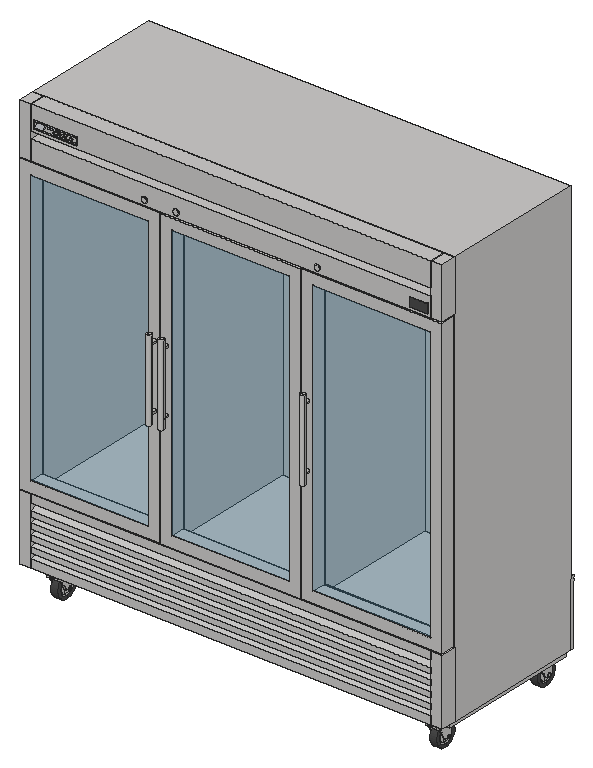
Revit family "QF_TRUE_T-72G-HC~FGD01", category Specialty Equipment, Revit 2015
Parameters
  Weight in Pounds = 630
  Watts = Volts * FL Amps  # 793.5 W
  Volts = 115 V
  URL Cutsheet = "www.truemfg.com"
  URL = "www.truemfg.com"
  Specification by User = ""
  Specification by Manufacturer = ""
  Show Clearance [instance] = yes
  Show 6 Inches Standard Legs [instance] = no
  Show 6 Inches Seismic Flanged Legs [instance] = no
  6 Inches Seismic Flanged Legs [instance] = and(Show 6 Inches Seismic Flanged Legs, not(Show 5 Inches Castors))  # no
  Show Logo [instance] = yes
  Serial Number = ""
  Seismic Rating = ""
  SMACNA No = ""
  Revision Code = ""
  Phase = 1
  Overall Height [instance] = Body Height + Base Height  # 83 3/8"
  Number of Poles = 1
  NAFEM Spec ID Number = ""
  Model = "T-72G-HC~FGD01"
  Min Ckt Ampacity = 0 A
  Max Overcurrent Protection = 0 A
  Masterspec = ""
  Manufacturer = "TRUE"
  Length = 78 1/8"
  Item Number = ""
  Installed By = ""
  Identify Quantity as Lot = yes
  Height = 83 3/8"
  HP = "3/4"
  Furnished By = ""
  Foodservice Equipment Identifier = yes
  FL Amps = 6.9 A
  Electrical Remarks = ""
  Electric Connection Type = ""
  Elec Conn RI Height = 0"
  Elec Conn Connection Height = 0"
  Description = "REACH-IN GLASS SWING DOOR REFRIGERATOR WITH HYDROCARBON REFRIGERANT~FRAMED GLASS DOOR VERSION 01"
  Depth = 29 7/8"
  Cycle = 60 Hz
  Conn Plug = "NEMA 5-15P"
  Conn Conduit = yes
  CSI MasterFormat = ""
  Body Height = 78 3/8"
  Base Height [instance] = if(Show 5 Inches Castors, 5", 6")  # 5"
  Apparent Power = 0 VA
  6 Inches Standard Legs [instance] = and(Show 6 Inches Standard Legs, not(Show 5 Inches Castors))  # no
  Show 5 Inches Castors [instance] = if(Show 6 Inches Seismic Flanged Legs, Show 6 Inches Standard Legs, not(Show 6 Inches Standard Legs))  # yes
Reference planes (in)
  plane 1 "BACK": y = 0
  plane 2: z = 0
  plane 3 "LEFT": x = 0
  plane 4 "RIGHT": x = 78.125
  plane 5 "FRONT": y = -29.875
  plane 6 "TOP": z = 83.375
  plane 7 "Center Y": x = 39.0625
  plane 8 "Center X": y = -14.9375
  plane 9: z = 5
Dimensions and locks (in)
  equal spacing: plane 3 "LEFT", plane 7 "Center Y", plane 4 "RIGHT"
  "Length": plane 3 "LEFT" to plane 4 "RIGHT"
  equal spacing: plane 5 "FRONT", plane 8 "Center X", plane 1 "BACK"
  "Depth": plane 5 "FRONT" to plane 1 "BACK"
  "Overall Height": plane 6 "TOP" to level
  plane 3 "LEFT" to plane 4 "RIGHT" = 78 1/8"
  "Base Height": plane 9 to level
  "Body Height": nested 5 to plane 9
  plane 6 "TOP" to nested 5 = 77"
  plane 5 "FRONT" to nested 5 = 30 1/2"
  nested 5 to plane 5 "FRONT" = 1 5/8"
  plane 1 "BACK" to nested 5 = 5/8"
  nested 5 to nested 5 = 32 1/8"  (x2)
  nested 5 to plane 5 "FRONT" to plane 1 "BACK" to nested 5 = 1 5/8", 29 7/8", 5/8"
  nested 5 to nested 5 = 30 1/2"
  aligned and locked: level to plane 2
Nested families (in)
  nested 1: "CASTER-LEGS" at (4, -2.625, 0), Show 5" Casters <- "Show 5 Inches Castors", Show 6 Inches Legs <- "6 Inches Standard Legs", Show Siesmic Flanged <- "6 Inches Seismic Flanged Legs", type "CASTER-LEGS"
    with Type Mark "", Status "", Specification by User "", Show Siesmic Flanged no, Show 6" Casters no, Show 6 Inches Legs no, Show 5" Casters yes, Show 4" Casters no, Show 2.5 Standard Legs no, Show 2.5 Casters no, Revision Code "", Low Profile no, Item Number "", Installed By "", Identify Quantity as Lot yes, Furnished By "", Foodservice Equipment Identifier yes
  nested 2: "CASTER-LEGS" at (4, -25.875, 0), Show 5" Casters <- "Show 5 Inches Castors", Show 6 Inches Legs <- "6 Inches Standard Legs", Show Siesmic Flanged <- "6 Inches Seismic Flanged Legs", type "CASTER-LEGS"
    with Type Mark "", Status "", Specification by User "", Show Siesmic Flanged no, Show 6" Casters no, Show 6 Inches Legs no, Show 5" Casters yes, Show 4" Casters no, Show 2.5 Standard Legs no, Show 2.5 Casters no, Revision Code "", Low Profile no, Item Number "", Installed By "", Identify Quantity as Lot yes, Furnished By "", Foodservice Equipment Identifier yes
  nested 3: "CASTER-LEGS" at (74.125, -2.625, 0), Show 5" Casters <- "Show 5 Inches Castors", Show 6 Inches Legs <- "6 Inches Standard Legs", Show Siesmic Flanged <- "6 Inches Seismic Flanged Legs", type "CASTER-LEGS"
    with Type Mark "", Status "", Specification by User "", Show Siesmic Flanged no, Show 6" Casters no, Show 6 Inches Legs no, Show 5" Casters yes, Show 4" Casters no, Show 2.5 Standard Legs no, Show 2.5 Casters no, Revision Code "", Low Profile no, Item Number "", Installed By "", Identify Quantity as Lot yes, Furnished By "", Foodservice Equipment Identifier yes
  nested 4: "CASTER-LEGS" at (74.125, -25.875, 0), Show 5" Casters <- "Show 5 Inches Castors", Show 6 Inches Legs <- "6 Inches Standard Legs", Show Siesmic Flanged <- "6 Inches Seismic Flanged Legs", type "CASTER-LEGS"
    with Type Mark "", Status "", Specification by User "", Show Siesmic Flanged no, Show 6" Casters no, Show 6 Inches Legs no, Show 5" Casters yes, Show 4" Casters no, Show 2.5 Standard Legs no, Show 2.5 Casters no, Revision Code "", Low Profile no, Item Number "", Installed By "", Identify Quantity as Lot yes, Furnished By "", Foodservice Equipment Identifier yes
  nested 5: "T-72G-HC-FGD01" at (0, 0, 0), Show Clearance <- "Show Clearance", Show Logo <- "Show Logo", type "T-72G-HC-FGD01"
    with Show Logo yes, Material and Finishes QF_Metal - Stainless - Polished
Connectors (in)
  electrical at (39.0625, 0.5, 12.75), driven by "Volts", driven by "Watts"
    settings: on nested 5, index 1, voltage 115 V, apparent load 793.5 VA, apparent load phase1 0 VA, apparent load phase2 0 VA, apparent load phase3 0 VA, power factor 1, load classification "Other", number of poles 1, system type 30, power factor state 1, is connector primary yes, connector utility no, sub classification motor no, connector description "ELECTRICAL CONNECTION"
Definition of nested family "CASTER-LEGS"
  Parameters (values of type "CASTER-LEGS")
    Weight = ""
    URL Manufacturer = ""
    URL Cutsheet = ""
    URL = ""
    Type Mark [instance] = ""
    Status [instance] = ""
    Specification by User [instance] = ""
    Specification by Manufacturer = ""
    Show Siesmic Flanged [instance] = yes
    Show 6 Inches Legs [instance] = yes
    Show 6" Casters [instance] = yes
    Show 5" Casters [instance] = yes
    Show 4" Casters [instance] = yes
    Show 2.5 Standard Legs [instance] = yes
    Show 2.5 Casters [instance] = yes
    Serial Number = ""
    Seismic Rating = ""
    SMACNA No = ""
    Revision Code [instance] = ""
    Omniclass Number and Title = ""
    NAFEM Spec ID Number = ""
    Model = ""
    MasterSpec. = ""
    Manufacturer = ""
    Low Profile [instance] = yes
    Item Number [instance] = ""
    Installed By [instance] = ""
    Identify Quantity as Lot [instance] = yes
    Furnished By [instance] = ""
    Foodservice Equipment Identifier [instance] = yes
    Description = ""
    CSI MasterFormat = ""
    CSI Master Format = ""
    Assembly Code = ""
  Reference planes (in)
    plane 1: z = 0
    plane 2 "RIGHT": x = 0
    plane 3 "FRONT": y = 0
    plane 4 "TOP": z = 6
    plane 5: z = 2.125
    plane 6: z = 2.5
    plane 7: z = 6.25
  Forms (in)
    Revolve 1, solid, visible <- "Show 6 Inches Legs"
      sketch origin (11.12172, 0, 0) x (-1, 0, 0) y (0, 0, -1)
        loop
          line (11.12172, -6) -> (11.12172, 0) -> (10.62172, 0) -> (10.62172, -1.30261) -> (10.37172, -1.30261) -> (10.37172, -6) -> (11.12172, -6)
        axis (11.12172, 0) -> (11.12172, -6)
      angle from 0 to 360
    Extrusion 2, solid, visible <- "Show Siesmic Flanged"
      sketch origin (0, 0, 0) x (1, 0, 0) y (0, 1, 0)
        loop
          circle (-0.00825, 0) r 1
      from 0 to 0.125
    Revolve 3, solid, visible <- "Show Siesmic Flanged"
      sketch origin (11.12172, 0, 0) x (-1, 0, 0) y (0, 0, -1)
        loop
          line (11.12172, -6) -> (11.12172, -0.125) -> (10.62172, -0.125) -> (10.62172, -1.30261) -> (10.37172, -1.30261) -> (10.37172, -6) -> (11.12172, -6)
        axis (11.12172, -0.125) -> (11.12172, -6)
      angle from 0 to 360
    Revolve 4, solid, visible <- "Show 2.5 Standard Legs"
      sketch origin (11.12172, 0, 0) x (-1, 0, 0) y (0, 0, -1)
        loop
          line (11.12172, -2.5) -> (11.12172, 0) -> (10.62172, 0) -> (10.62172, -0.75) -> (10.37172, -0.75) -> (10.37172, -2.5) -> (11.12172, -2.5)
        axis (11.12172, 0) -> (11.12172, -2.5)
      angle from 0 to 360
  Dimensions and locks (in)
    plane 4 "TOP" to level = 6"  (x2)
    locked: Revolve 1 sketch curve to Revolve 1 sketch curve at 1.30261
    locked: Revolve 1 sketch curve to Revolve 1 sketch curve at 0.75
    nested 1 to level = 5"
    plane 6 to plane 1 = 2 1/2"
    plane 5 to plane 1 = 2 1/8"
    plane 7 to plane 1 = 6 1/4"
    locked: Revolve 3 sketch curve to Revolve 3 sketch curve at 0.75
    aligned and locked: level to plane 1
  Nested families (in)
    nested 1: "PITCO_5 INCHES CASTER" at (0, 0, 0), Show Casters <- "Show 5" Casters", type "PITCO_5 INCHES CASTER"
      with Type Mark "", Status "", Specification by User "", Show Casters yes, Revision Code "", Item Number "", Installed By "", Identify Quantity as Lot yes, Furnished By "", Foodservice Equipment Identifier yes
    nested 2: "2.13" at (0, 0, 0), 2.5 Inches Caster <- "Low Profile", type "2.13"
      with Type Mark "", Status "", Specification by User "", Revision Code "", Item Number "", Installed By "", Identify Quantity as Lot yes, Furnished By "", Foodservice Equipment Identifier yes, 2.5 Inches Caster yes
    nested 3: "C4" at (0, 0, 0), Show 4 Inches Casters <- "Show 4" Casters", type "C4"
      with Type Mark "", Specification by User "", Show 4 Inches Casters yes, Revision Code "", Item Number "", Installed By "", Identify Quantity as Lot yes, Furnished By "", Foodservice Equipment Identifier yes
    nested 4: "6 Inches Leg & Caster" at (0, 0, 0), Show Casters <- "Show 6" Casters", type "6 Inches Leg & Caster"
      with Type Mark "", Status "", Specification by User "", Show Casters yes, Revision Code "", Item Number "", Installed By "", Identify Quantity as Lot yes, Furnished By "", Foodservice Equipment Identifier yes
    nested 5: "C2.5" at (0, -0.86941, 0), 2.5 Inches Caster <- "Show 2.5 Casters", type "C2.5"
      with Type Mark "", Status "", Specification by User "", Revision Code "", Item Number "", Installed By "", Identify Quantity as Lot yes, Furnished By "", Foodservice Equipment Identifier yes, 2.5 Inches Caster yes
  Definition of nested family "PITCO_5 INCHES CASTER"
    Parameters (values of type "PITCO_5 INCHES CASTER")
      Weight = ""
      URL Manufacturer = ""
      URL Cutsheet = ""
      URL = ""
      Type Mark [instance] = ""
      Status [instance] = ""
      Specification by User [instance] = ""
      Specification by Manufacturer = ""
      Show Casters [instance] = yes
      Rubber = none
      Chrome = none
      Serial Number = ""
      Seismic Rating = ""
      SMACNA No = ""
      Revision Code [instance] = ""
      Omniclass Number and Title = ""
      NAFEM Spec ID Number = ""
      Model = ""
      MasterSpec. = ""
      Manufacturer = ""
      Item Number [instance] = ""
      Installed By [instance] = ""
      Identify Quantity as Lot [instance] = yes
      Furnished By [instance] = ""
      Foodservice Equipment Identifier [instance] = yes
      Description = ""
      CSI MasterFormat = ""
      CSI Master Format = ""
      Assembly Code = ""
    Reference planes (in)
      plane 1: z = 0
      plane 2 "RIGHT": x = 0
      plane 3 "FRONT": y = 0
      plane 4 "TOP": z = 5
      plane 5: z = 5.0625
    Forms (in)
      Revolve 1, solid, visible <- "Show Casters"
        sketch origin (-180, 1.0625, -34.67466) x (0, 0, -1) y (-1, 0, 0)
          loop
            line (-34.67466, -180.64009) -> (-34.67466, -179.35991) -> (-35.17466, -179.35991) -> (-35.17466, -179.48491) -> (-35.42466, -179.48491) -> (-35.42466, -179.64009) -> (-36.48519, -179.60306) -> (-36.48519, -178.85852) -> (-36.5316, -178.85852) -> (-36.5316, -178.71719) -> (-36.70591, -178.71719) -> (-36.70591, -181.28281) -> (-36.5316, -181.28281) -> (-36.5316, -181.14148) -> (-36.48519, -181.14148) -> (-36.48519, -180.39694) -> (-35.42466, -180.35991) -> (-35.42466, -180.51509) -> (-35.17466, -180.51509) -> (-35.17466, -180.64009) -> (-34.67466, -180.64009)
          axis (-36.70591, -181.28281) -> (-36.70591, -178.71719)
        angle from 0 to 360
      Extrusion 2, solid, visible <- "Show Casters"
        sketch origin (0, 0, -1.11142) x (0, -1, 0) y (1, 0, 0)
          loop
            circle (0, 0) r 1.5
        from 5.61142 to 6.17392
      Extrusion 3, solid, visible <- "Show Casters"
        sketch origin (0, 0, 0.289) x (0, -1, 0) y (0, 0, 1)
          loop
            arc (0.91808, 3.59427) -> (1.13645, 3.7909) -> (1.42156, 3.86198) r 0.60732
            line (1.42156, 3.86198) -> (1.46208, 3.86198) -> (1.43155, 4.211) -> (-1.43155, 4.211)
            arc (-1.43155, 4.211) -> (-1.62474, 4.13098) -> (-1.70476, 3.93778) r 0.27322
            line (-1.70476, 3.93778) -> (-1.70476, 3.78861) -> (-1.76351, 2.11371) -> (-1.82446, 1.68005)
            arc (-1.82446, 1.68005) -> (-1.73191, 1.41127) -> (-1.46007, 1.32816) r 0.31307
            line (-1.46007, 1.32816) -> (-0.60834, 1.47835)
            arc (-0.60834, 1.47835) -> (-0.50841, 1.51771) -> (-0.43181, 1.59299) r 0.26936
            line (-0.43181, 1.59299) -> (0.91808, 3.59427)
        from 0.84601 to 1.05998
      Extrusion 4, solid, visible <- "Show Casters"
        sketch origin (0, 0, -0.82242) x (0, -1, 0) y (0, 0, -1)
          loop
            line (1.43155, -5.32242) -> (1.46208, -4.9734) -> (1.42156, -4.9734)
            arc (1.42156, -4.9734) -> (1.13645, -4.90232) -> (0.91808, -4.70569) r 0.60732
            line (0.91808, -4.70569) -> (-0.43181, -2.70441)
            arc (-0.43181, -2.70441) -> (-0.50841, -2.62913) -> (-0.60834, -2.58977) r 0.26936
            line (-0.60834, -2.58977) -> (-1.46007, -2.43958)
            arc (-1.46007, -2.43958) -> (-1.73191, -2.52269) -> (-1.82446, -2.79147) r 0.31307
            line (-1.82446, -2.79147) -> (-1.76351, -3.22513) -> (-1.70476, -4.90003) -> (-1.70476, -5.0492)
            arc (-1.70476, -5.0492) -> (-1.62474, -5.2424) -> (-1.43155, -5.32242) r 0.27322
            line (-1.43155, -5.32242) -> (1.43155, -5.32242)
        from 0.84601 to 1.05998
      Extrusion 5, solid, visible <- "Show Casters"
        sketch origin (-0.84601, 0, 0.289) x (0, 1, 0) y (0, 0, 1)
          loop
            line (1.43155, 4.211) -> (-1.43155, 4.211) -> (-1.46208, 3.86198) -> (-1.42156, 3.86198)
            arc (-1.42156, 3.86198) -> (-1.13645, 3.7909) -> (-0.91808, 3.59427) r 0.60732
            arc (-0.91808, 3.59427) -> (0.37927, 3.88135) -> (1.70476, 3.78861) r 4.63574
            line (1.70476, 3.78861) -> (1.70476, 3.93778)
            arc (1.70476, 3.93778) -> (1.62474, 4.13098) -> (1.43155, 4.211) r 0.27322
        from 0 to 1.69203
    Cuts and joins
      joined: Extrusion 3, Extrusion 4, Extrusion 5
    Lines and regions (in)
      symbolic lines, visible <- "Show Casters"
        curve 1: line (0.70901, 2.6399, 0) -> (1.79507, 2.01286, 0)
        curve 2: line (-1.79099, -1.69023, 0) -> (0.70901, 2.6399, 0)
        curve 3: line (-0.70493, -2.31727, 0) -> (-1.79099, -1.69023, 0)
        curve 4: line (1.79507, 2.01286, 0) -> (-0.70493, -2.31727, 0)
    Dimensions and locks (in)
      plane 4 "TOP" to level = 5"  (x2)
      plane 5 to level = 5 1/16"
      aligned and locked: level to plane 1
  Definition of nested family "2.13"
    Parameters
      Weight = ""
      URL Manufacturer = ""
      URL Cutsheet = ""
      URL = ""
      Type Mark [instance] = ""
      Status [instance] = ""
      Specification by User [instance] = ""
      Specification by Manufacturer = ""
      Serial Number = ""
      Seismic Rating = ""
      SMACNA No = ""
      Revision Code [instance] = ""
      Omniclass Number and Title = ""
      NAFEM Spec ID Number = ""
      Model = ""
      MasterSpec. = ""
      Manufacturer = ""
      Item Number [instance] = ""
      Installed By [instance] = ""
      Identify Quantity as Lot [instance] = yes
      Furnished By [instance] = ""
      Foodservice Equipment Identifier [instance] = yes
      Description = ""
      CSI MasterFormat = ""
      CSI Master Format = ""
      Assembly Code = ""
      2.5 Inches Caster [instance] = yes
    Reference planes (in)
      plane 1: z = 0
      plane 2 "RIGHT": x = 0
      plane 3 "FRONT": y = 0
      plane 4 "TOP": z = 2.125
    Forms (in)
      Revolve 1, solid, visible <- "2.5 Inches Caster"
        sketch origin (-1.93794, 0.83816, -1.0041) x (1, 0, 0) y (0, 0, 1)
          loop
            line (0.74055, 1.76972) -> (0.74055, 1.69422) -> (0.79055, 1.64422) -> (0.85055, 1.64422) -> (0.85055, 1.52415) -> (1.235, 1.52415) -> (1.235, 1.4568) -> (1.38673, 1.3692) -> (1.4003, 1.28535) -> (1.34375, 1.28535) -> (1.34375, 1.16035) -> (1.375, 1.16035) -> (1.375, 1.0041) -> (1.87544, 1.0041) -> (1.87544, 1.52415) -> (2.00044, 1.52415) -> (2.00044, 1.0041) -> (2.48438, 1.0041) -> (2.48438, 1.16035) -> (2.51563, 1.16035) -> (2.51563, 1.28535) -> (2.45908, 1.28535) -> (2.47322, 1.37272) -> (2.62438, 1.45999) -> (2.62438, 1.52415) -> (3.04007, 1.52415) -> (3.04007, 1.64422) -> (3.10007, 1.64422) -> (3.15007, 1.69422) -> (3.15007, 1.76972) -> (0.74055, 1.76972)
          axis (0.74055, 1.76972) -> (3.15007, 1.76972)
        angle from 0 to 360
      Extrusion 2, solid, visible <- "2.5 Inches Caster"
        sketch origin (-1.93794, 1.80294, -3.6291) x (0, 1, 0) y (0, 0, 1)
          loop
            line (-0.64294, 5.43229) -> (-0.64294, 5.55298) -> (-2.21294, 5.55298) -> (-2.21294, 5.30272) -> (-1.81966, 5.30272)
            arc (-1.81966, 5.30272) -> (-1.13638, 5.20789) -> (-0.46376, 5.05475) r 8.02767
            arc (-0.46376, 5.05475) -> (-0.19511, 4.95469) -> (0.05138, 4.80832) r 1.60049
            line (0.05138, 4.80832) -> (0.12713, 4.91318)
            arc (0.12713, 4.91318) -> (-0.07255, 5.06376) -> (-0.29048, 5.18644) r 1.8753
            line (-0.29048, 5.18644) -> (-0.22239, 5.30423)
            arc (-0.22239, 5.30423) -> (-0.42776, 5.38437) -> (-0.64294, 5.43229) r 1.44292
        from 1.17357 to 2.70231
      Revolve 3, solid, visible <- "2.5 Inches Caster"
        sketch origin (0, 2.10856, -4.125) x (0, 1, 0) y (0, 0, 1)
          loop
            line (-1.73858, 6.25) -> (-1.73858, 6.04889) -> (-1.05793, 6.04889) -> (-1.05793, 6.25) -> (-1.73858, 6.25)
          axis (-1.73858, 6.04889) -> (-1.73858, 6.25)
        angle from 0 to 360
      Extrusion 4, solid, visible <- "2.5 Inches Caster"
        sketch origin (-1.98481, 1.80294, -2.1291) x (0, 1, 0) y (0, 0, 1)
          loop
            line (-2.21294, 4.05298) -> (-2.21294, 3.80272) -> (-2.13999, 3.80272)
            arc (-2.13999, 3.80272) -> (-1.62379, 3.51899) -> (-1.39241, 2.97729) r 0.90292
            arc (-1.39241, 2.97729) -> (-1.36136, 2.78161) -> (-1.29729, 2.59413) r 1.15385
            arc (-1.29729, 2.59413) -> (-0.94802, 2.37355) -> (-0.6121, 2.61396) r 0.37001
            arc (-0.6121, 2.61396) -> (-0.59625, 2.66241) -> (-0.58446, 2.712) r 0.61695
            arc (-0.58446, 2.712) -> (-0.36134, 3.11665) -> (0.05609, 3.31484) r 0.75313
            line (0.05609, 3.31484) -> (0.12713, 3.41318)
            arc (0.12713, 3.41318) -> (-0.07255, 3.56376) -> (-0.29048, 3.68644) r 1.8753
            line (-0.29048, 3.68644) -> (-0.22239, 3.80423)
            arc (-0.22239, 3.80423) -> (-0.42776, 3.88437) -> (-0.64294, 3.93229) r 1.44292
            line (-0.64294, 3.93229) -> (-0.64294, 4.05298) -> (-2.21294, 4.05298)
        from 2.74918 to 2.90825
      Extrusion 5, solid, visible <- "2.5 Inches Caster"
        sketch origin (1.98481, 1.80294, -2.1291) x (0, 1, 0) y (0, 0, -1)
          loop
            line (-2.21294, -4.05298) -> (-0.64294, -4.05298) -> (-0.64294, -3.93229)
            arc (-0.64294, -3.93229) -> (-0.42776, -3.88437) -> (-0.22239, -3.80423) r 1.44292
            line (-0.22239, -3.80423) -> (-0.29048, -3.68644)
            arc (-0.29048, -3.68644) -> (-0.07255, -3.56376) -> (0.12713, -3.41318) r 1.8753
            line (0.12713, -3.41318) -> (0.05609, -3.31484)
            arc (0.05609, -3.31484) -> (-0.36134, -3.11665) -> (-0.58446, -2.712) r 0.75313
            arc (-0.58446, -2.712) -> (-0.59625, -2.66241) -> (-0.6121, -2.61396) r 0.61695
            arc (-0.6121, -2.61396) -> (-0.94802, -2.37355) -> (-1.29729, -2.59413) r 0.37001
            arc (-1.29729, -2.59413) -> (-1.36136, -2.78161) -> (-1.39241, -2.97729) r 1.15385
            arc (-1.39241, -2.97729) -> (-1.62379, -3.51899) -> (-2.13999, -3.80272) r 0.90292
            line (-2.13999, -3.80272) -> (-2.21294, -3.80272) -> (-2.21294, -4.05298)
        from 2.74918 to 2.90825
    Lines and regions (in)
      symbolic lines, visible <- "2.5 Inches Caster"
        curve 1: line (0.10651, 1.27186, 0) -> (0.80944, 0.86603, 0)
        curve 2: line (-0.89349, -0.46019, 0) -> (0.10651, 1.27186, 0)
        curve 3: line (-0.19056, -0.86603, 0) -> (-0.89349, -0.46019, 0)
        curve 4: line (0.80944, 0.86603, 0) -> (-0.19056, -0.86603, 0)
    Dimensions and locks (in)
      plane 4 "TOP" to level = 2 1/8"  (x2)
      aligned and locked: level to plane 1
  Definition of nested family "C4"
    Parameters
      Weight = ""
      URL Manufacturer = ""
      URL Cutsheet = ""
      URL = ""
      Type Mark [instance] = ""
      Specification by User [instance] = ""
      Specification by Manufacturer = ""
      Show 4 Inches Casters [instance] = yes
      Serial Number = ""
      Seismic Rating = ""
      SMACNA No = ""
      Revision Code [instance] = ""
      Omniclass Number and Title = ""
      NAFEM Spec ID Number = ""
      Model = ""
      MasterSpec. = ""
      Manufacturer = ""
      Item Number [instance] = ""
      Installed By [instance] = ""
      Identify Quantity as Lot [instance] = yes
      Furnished By [instance] = ""
      Foodservice Equipment Identifier [instance] = yes
      Description = ""
      CSI MasterFormat = ""
      CSI Master Format = ""
      Assembly Code = ""
    Reference planes (in)
      plane 1: z = 0
      plane 2 "RIGHT": x = 0
      plane 3 "FRONT": y = 0
      plane 4 "TOP": z = 4
    Forms (in)
      Revolve 1, solid, visible <- "Show 4 Inches Casters"
        sketch origin (-1.93794, 0.83816, -1.0041) x (1, 0, 0) y (0, 0, 1)
          loop
            line (0.74055, 2.5041) -> (3.15007, 2.5041) -> (3.15007, 2.5796) -> (3.10007, 2.6296) -> (3.04007, 2.6296) -> (3.04007, 2.74967) -> (2.62438, 2.74967) -> (2.62438, 2.93884) -> (2.48438, 3.01967) -> (2.45908, 3.17597) -> (2.51563, 3.17597) -> (2.51563, 3.41035) -> (2.48438, 3.41035) -> (2.48438, 4.0041) -> (1.375, 4.0041) -> (1.375, 3.41035) -> (1.34375, 3.41035) -> (1.34375, 3.17597) -> (1.4003, 3.17597) -> (1.37557, 3.02318) -> (1.235, 2.94202) -> (1.235, 2.74967) -> (0.85055, 2.74967) -> (0.85055, 2.6296) -> (0.79055, 2.6296) -> (0.74055, 2.5796) -> (0.74055, 2.5041)
          axis (0.74055, 2.5041) -> (3.15007, 2.5041)
        angle from 0 to 360
      Extrusion 2, solid, visible <- "Show 4 Inches Casters"
        sketch origin (-1.93794, 1.80294, -1.7541) x (0, 1, 0) y (0, 0, 1)
          loop
            line (-3.08794, 5.33423) -> (-3.08794, 5.00584) -> (-2.69466, 5.00584)
            arc (-2.69466, 5.00584) -> (-1.57175, 4.94895) -> (-0.46376, 4.75787) r 9.36411
            arc (-0.46376, 4.75787) -> (-0.05889, 4.58436) -> (0.28335, 4.30705) r 1.60049
            line (0.28335, 4.30705) -> (0.34449, 4.39437)
            arc (0.34449, 4.39437) -> (0.12713, 4.6163) -> (-0.1239, 4.79931) r 1.8753
            line (-0.1239, 4.79931) -> (-0.05749, 4.91421)
            arc (-0.05749, 4.91421) -> (-0.33807, 5.05694) -> (-0.64294, 5.13542) r 1.44292
            line (-0.64294, 5.13542) -> (-0.64294, 5.33423) -> (-3.08794, 5.33423)
        from 1.1267 to 2.74918
      Revolve 3, solid, visible <- "Show 4 Inches Casters"
        sketch origin (0, 2.15543, -2.25) x (0, 1, 0) y (0, 0, 1)
          loop
            line (-2.21793, 6.25) -> (-2.21793, 5.83014) -> (-1.05793, 5.83014) -> (-1.05793, 6.25) -> (-2.21793, 6.25)
          axis (-2.21793, 5.83014) -> (-2.21793, 6.25)
        angle from 0 to 360
      Extrusion 4, solid, visible <- "Show 4 Inches Casters"
        sketch origin (-1.93794, 1.80294, -1.7541) x (0, 1, 0) y (0, 0, 1)
          loop
            line (-3.08794, 5.33423) -> (-3.08794, 5.00584) -> (-2.8913, 5.00584)
            arc (-2.8913, 5.00584) -> (-2.09118, 4.14057) -> (-1.45681, 3.14736) r 6.63355
            arc (-1.45681, 3.14736) -> (-0.85703, 2.75969) -> (-0.4561, 3.35069) r 0.5107
            arc (-0.4561, 3.35069) -> (-0.27092, 3.92503) -> (0.24034, 4.24562) r 0.88136
            line (0.24034, 4.24562) -> (0.34449, 4.39437)
            arc (0.34449, 4.39437) -> (0.12713, 4.6163) -> (-0.1239, 4.79931) r 1.8753
            line (-0.1239, 4.79931) -> (-0.05749, 4.91421)
            arc (-0.05749, 4.91421) -> (-0.33807, 5.05694) -> (-0.64294, 5.13542) r 1.44292
            line (-0.64294, 5.13542) -> (-0.64294, 5.33423) -> (-3.08794, 5.33423)
        from 2.74918 to 2.90825
      Extrusion 5, solid, visible <- "Show 4 Inches Casters"
        sketch origin (1.93794, 1.80294, -1.7541) x (0, 1, 0) y (0, 0, -1)
          loop
            line (-3.08794, -5.33423) -> (-0.64294, -5.33423) -> (-0.64294, -5.13542)
            arc (-0.64294, -5.13542) -> (-0.33807, -5.05694) -> (-0.05749, -4.91421) r 1.44292
            line (-0.05749, -4.91421) -> (-0.1239, -4.79931)
            arc (-0.1239, -4.79931) -> (0.12713, -4.6163) -> (0.34449, -4.39437) r 1.8753
            line (0.34449, -4.39437) -> (0.24034, -4.24562)
            arc (0.24034, -4.24562) -> (-0.27092, -3.92503) -> (-0.4561, -3.35069) r 0.88136
            arc (-0.4561, -3.35069) -> (-0.85703, -2.75969) -> (-1.45681, -3.14736) r 0.5107
            arc (-1.45681, -3.14736) -> (-2.09118, -4.14057) -> (-2.8913, -5.00584) r 6.63355
            line (-2.8913, -5.00584) -> (-3.08794, -5.00584) -> (-3.08794, -5.33423)
        from 2.74918 to 2.90825
    Cuts and joins
      joined: Extrusion 2, Extrusion 4, Extrusion 5
    Lines and regions (in)
      symbolic lines, visible <- "Show 4 Inches Casters"
        curve 1: line (0.28481, 1.83041, 0) -> (1.24556, 1.27572, 0)
        curve 2: line (-1.26206, -0.84886, 0) -> (0.28481, 1.83041, 0)
        curve 3: line (-0.30132, -1.40355, 0) -> (-1.26206, -0.84886, 0)
        curve 4: line (1.24556, 1.27572, 0) -> (-0.30132, -1.40355, 0)
    Dimensions and locks (in)
      plane 4 "TOP" to level = 4"  (x2)
      aligned and locked: level to plane 1
  Definition of nested family "6 Inches Leg & Caster"
    Parameters
      Weight = ""
      URL Manufacturer = ""
      URL Cutsheet = ""
      URL = ""
      Type Mark [instance] = ""
      Status [instance] = ""
      Specification by User [instance] = ""
      Specification by Manufacturer = ""
      Show Casters [instance] = yes
      Serial Number = ""
      Seismic Rating = ""
      SMACNA No = ""
      Revision Code [instance] = ""
      Omniclass Number and Title = ""
      NAFEM Spec ID Number = ""
      Model = ""
      MasterSpec. = ""
      Manufacturer = ""
      Item Number [instance] = ""
      Installed By [instance] = ""
      Identify Quantity as Lot [instance] = yes
      Furnished By [instance] = ""
      Foodservice Equipment Identifier [instance] = yes
      Description = ""
      CSI MasterFormat = ""
      CSI Master Format = ""
    Reference planes (in)
      plane 1 "BACK": y = 0
      plane 2: z = 0
      plane 3 "LEFT": x = 0
      plane 4 "RIGHT": x = 0
      plane 5 "FRONT": y = 0
      plane 6 "TOP": z = 6.25
    Forms (in)
      Revolve 1, solid, visible <- "Show Casters"
        sketch origin (-2.21793, 0, -0.25) x (-1, 0, 0) y (0, 0, 1)
          loop
            line (-2.21793, 6) -> (-2.21793, 5.55584) -> (-0.93693, 5.55584) -> (-0.93693, 6) -> (-2.21793, 6)
          axis (-2.21793, 5.55584) -> (-2.21793, 6)
        angle from 0 to 360
      Extrusion 2, solid, visible <- "Show Casters"
        sketch origin (0.25594, 2.21793, -0.1875) x (0, 1, 0) y (0, 0, 1)
          loop
            line (-3.37793, 5.49334) -> (-3.37793, 5.24334) -> (-1.63015, 2.08504)
            arc (-1.63015, 2.08504) -> (-0.63555, 1.74359) -> (-0.1951, 2.69848) r 0.78437
            line (-0.1951, 2.69848) -> (-1.06726, 5.49334) -> (-3.37793, 5.49334)
        from 0.78968 to 0.90247
      Extrusion 3, solid, visible <- "Show Casters"
        sketch origin (0, 0, 5.75) x (0, 1, 0) y (-1, 0, 0)
          loop
            circle (0, 0) r 0.75
        from 0 to 0.5
      Extrusion 4, solid, visible <- "Show Casters"
        sketch origin (-0.25594, 2.21793, -0.1875) x (0, 1, 0) y (0, 0, -1)
          loop
            line (-3.37793, -5.49334) -> (-1.06726, -5.49334) -> (-0.1951, -2.69848)
            arc (-0.1951, -2.69848) -> (-0.63555, -1.74359) -> (-1.63015, -2.08504) r 0.78437
            line (-1.63015, -2.08504) -> (-3.37793, -5.24334) -> (-3.37793, -5.49334)
        from 0.78968 to 0.90247
      Extrusion 5, solid, visible <- "Show Casters"
        sketch origin (0, 0, 0.75) x (0, 1, 0) y (0, 0, 1)
          loop
            line (-1.16, 4.55584) -> (-1.16, 4.30584) -> (1.15067, 4.30584) -> (1.15067, 4.55584) -> (-1.16, 4.55584)
        from -1.04562 to 1.04562
      Revolve 6, solid, visible <- "Show Casters"
        sketch origin (-1.9375, 1.23015, -0.12802) x (1, 0, 0) y (0, 0, 1)
          loop
            line (0.5843, 2.5041) -> (0.5843, 2.3661) -> (0.6343, 2.3161) -> (0.6943, 2.3161) -> (0.6943, 2.1804) -> (1.1725, 2.1804) -> (1.1725, 1.78493) -> (1.31307, 1.70377) -> (1.42647, 1.00302) -> (1.28125, 1.00302) -> (1.28125, 0.75302) -> (1.3125, 0.75302) -> (1.3125, 0.50302)
            arc (1.3125, 0.50302) -> (1.42233, 0.23785) -> (1.6875, 0.12802) r 0.375
            line (1.6875, 0.12802) -> (2.1875, 0.12802)
            arc (2.1875, 0.12802) -> (2.45267, 0.23785) -> (2.5625, 0.50302) r 0.375
            line (2.5625, 0.50302) -> (2.5625, 0.75302) -> (2.59375, 0.75302) -> (2.59375, 1.00302) -> (2.44853, 1.00302) -> (2.5625, 1.70728) -> (2.7025, 1.78811) -> (2.7025, 2.1804) -> (3.1807, 2.1804) -> (3.1807, 2.3161) -> (3.2407, 2.3161) -> (3.2907, 2.3661) -> (3.2907, 2.5041) -> (0.5843, 2.5041)
          axis (0.5843, 2.5041) -> (3.2907, 2.5041)
        angle from 0 to 360
    Cuts and joins
      joined: Extrusion 2, Extrusion 4, Extrusion 5
    Lines and regions (in)
      symbolic lines, visible <- "Show Casters"
        curve 1: line (0.46086, 2.04455, 0) -> (1.54339, 1.41955, 0)
        curve 2: line (-1.53914, -1.41955, 0) -> (0.46086, 2.04455, 0)
        curve 3: line (-0.45661, -2.04455, 0) -> (-1.53914, -1.41955, 0)
        curve 4: line (1.54339, 1.41955, 0) -> (-0.45661, -2.04455, 0)
    Dimensions and locks (in)
      plane 6 "TOP" to level = 6 1/4"  (x2)
      aligned and locked: level to plane 2
  Definition of nested family "C2.5"
    Parameters
      Weight = ""
      URL Manufacturer = ""
      URL Cutsheet = ""
      URL = ""
      Type Mark [instance] = ""
      Status [instance] = ""
      Specification by User [instance] = ""
      Specification by Manufacturer = ""
      Serial Number = ""
      Seismic Rating = ""
      SMACNA No = ""
      Revision Code [instance] = ""
      Omniclass Number and Title = ""
      NAFEM Spec ID Number = ""
      Model = ""
      MasterSpec. = ""
      Manufacturer = ""
      Item Number [instance] = ""
      Installed By [instance] = ""
      Identify Quantity as Lot [instance] = yes
      Furnished By [instance] = ""
      Foodservice Equipment Identifier [instance] = yes
      Description = ""
      CSI MasterFormat = ""
      CSI Master Format = ""
      Assembly Code = ""
      2.5 Inches Caster [instance] = yes
    Reference planes (in)
      plane 1: z = 0
      plane 2 "RIGHT": x = 0
      plane 3 "FRONT": y = 0
      plane 4 "TOP": z = 2.5
    Forms (in)
      Revolve 1, solid, visible <- "2.5 Inches Caster"
        sketch origin (-1.93794, 0.83816, -1.0041) x (1, 0, 0) y (0, 0, 1)
          loop
            line (0.74055, 1.92597) -> (0.74055, 1.85047) -> (0.79055, 1.80047) -> (0.85055, 1.80047) -> (0.85055, 1.6804) -> (1.235, 1.6804) -> (1.235, 1.61305) -> (1.38673, 1.52545) -> (1.4003, 1.4416) -> (1.34375, 1.4416) -> (1.34375, 1.3166) -> (1.375, 1.3166) -> (1.375, 1.0041) -> (2.48438, 1.0041) -> (2.48438, 1.3166) -> (2.51563, 1.3166) -> (2.51563, 1.4416) -> (2.45908, 1.4416) -> (2.47322, 1.52897) -> (2.62438, 1.61624) -> (2.62438, 1.6804) -> (3.04007, 1.6804) -> (3.04007, 1.80047) -> (3.10007, 1.80047) -> (3.15007, 1.85047) -> (3.15007, 1.92597) -> (0.74055, 1.92597)
          axis (0.74055, 1.92597) -> (3.15007, 1.92597)
        angle from 0 to 360
      Extrusion 2, solid, visible <- "2.5 Inches Caster"
        sketch origin (-1.93794, 1.80294, -3.2541) x (0, 1, 0) y (0, 0, 1)
          loop
            line (-0.64294, 5.43229) -> (-0.64294, 5.55298) -> (-2.21294, 5.55298) -> (-2.21294, 5.30272) -> (-1.81966, 5.30272)
            arc (-1.81966, 5.30272) -> (-1.13638, 5.20789) -> (-0.46376, 5.05475) r 8.02767
            arc (-0.46376, 5.05475) -> (-0.19511, 4.95469) -> (0.05138, 4.80832) r 1.60049
            line (0.05138, 4.80832) -> (0.12713, 4.91318)
            arc (0.12713, 4.91318) -> (-0.07255, 5.06376) -> (-0.29048, 5.18644) r 1.8753
            line (-0.29048, 5.18644) -> (-0.22239, 5.30423)
            arc (-0.22239, 5.30423) -> (-0.42776, 5.38437) -> (-0.64294, 5.43229) r 1.44292
        from 1.17357 to 2.70231
      Revolve 3, solid, visible <- "2.5 Inches Caster"
        sketch origin (0, 2.10856, -3.75) x (0, 1, 0) y (0, 0, 1)
          loop
            line (-1.73858, 6.25) -> (-1.73858, 6.04889) -> (-1.05793, 6.04889) -> (-1.05793, 6.25) -> (-1.73858, 6.25)
          axis (-1.73858, 6.04889) -> (-1.73858, 6.25)
        angle from 0 to 360
      Extrusion 4, solid, visible <- "2.5 Inches Caster"
        sketch origin (-1.98481, 1.80294, -1.7541) x (0, 1, 0) y (0, 0, 1)
          loop
            line (-2.21294, 4.05298) -> (-2.21294, 3.80272) -> (-2.13999, 3.80272)
            arc (-2.13999, 3.80272) -> (-1.62379, 3.51899) -> (-1.39241, 2.97729) r 0.90292
            arc (-1.39241, 2.97729) -> (-1.36136, 2.78161) -> (-1.29729, 2.59413) r 1.15385
            arc (-1.29729, 2.59413) -> (-0.94802, 2.37355) -> (-0.6121, 2.61396) r 0.37001
            arc (-0.6121, 2.61396) -> (-0.59625, 2.66241) -> (-0.58446, 2.712) r 0.61695
            arc (-0.58446, 2.712) -> (-0.36134, 3.11665) -> (0.05609, 3.31484) r 0.75313
            line (0.05609, 3.31484) -> (0.12713, 3.41318)
            arc (0.12713, 3.41318) -> (-0.07255, 3.56376) -> (-0.29048, 3.68644) r 1.8753
            line (-0.29048, 3.68644) -> (-0.22239, 3.80423)
            arc (-0.22239, 3.80423) -> (-0.42776, 3.88437) -> (-0.64294, 3.93229) r 1.44292
            line (-0.64294, 3.93229) -> (-0.64294, 4.05298) -> (-2.21294, 4.05298)
        from 2.74918 to 2.90825
      Extrusion 5, solid, visible <- "2.5 Inches Caster"
        sketch origin (1.98481, 1.80294, -1.7541) x (0, 1, 0) y (0, 0, -1)
          loop
            line (-2.21294, -4.05298) -> (-0.64294, -4.05298) -> (-0.64294, -3.93229)
            arc (-0.64294, -3.93229) -> (-0.42776, -3.88437) -> (-0.22239, -3.80423) r 1.44292
            line (-0.22239, -3.80423) -> (-0.29048, -3.68644)
            arc (-0.29048, -3.68644) -> (-0.07255, -3.56376) -> (0.12713, -3.41318) r 1.8753
            line (0.12713, -3.41318) -> (0.05609, -3.31484)
            arc (0.05609, -3.31484) -> (-0.36134, -3.11665) -> (-0.58446, -2.712) r 0.75313
            arc (-0.58446, -2.712) -> (-0.59625, -2.66241) -> (-0.6121, -2.61396) r 0.61695
            arc (-0.6121, -2.61396) -> (-0.94802, -2.37355) -> (-1.29729, -2.59413) r 0.37001
            arc (-1.29729, -2.59413) -> (-1.36136, -2.78161) -> (-1.39241, -2.97729) r 1.15385
            arc (-1.39241, -2.97729) -> (-1.62379, -3.51899) -> (-2.13999, -3.80272) r 0.90292
            line (-2.13999, -3.80272) -> (-2.21294, -3.80272) -> (-2.21294, -4.05298)
        from 2.74918 to 2.90825
    Lines and regions (in)
      symbolic lines, visible <- "2.5 Inches Caster"
        curve 1: line (0.10651, 1.96132, 0) -> (0.80944, 1.55548, 0)
        curve 2: line (-0.89349, 0.22927, 0) -> (0.10651, 1.96132, 0)
        curve 3: line (-0.19056, -0.17657, 0) -> (-0.89349, 0.22927, 0)
        curve 4: line (0.80944, 1.55548, 0) -> (-0.19056, -0.17657, 0)
    Dimensions and locks (in)
      plane 4 "TOP" to level = 2 1/2"  (x2)
      aligned and locked: level to plane 1
Definition of nested family "T-72G-HC-FGD01"
  Parameters (values of type "T-72G-HC-FGD01")
    Weight in Pounds = 0
    URL Cutsheet = ""
    Specification by User = ""
    Specification by Manufacturer = ""
    Show Logo [instance] = yes
    Show Clearance [instance] = yes
    Serial Number = ""
    Seismic Rating = ""
    SMACNA No = ""
    Revision Code = ""
    NAFEM Spec ID Number = ""
    Material and Finishes [instance] = none
    Masterspec = ""
    Item Number = ""
    Installed By = ""
    Identify Quantity as Lot = yes
    Furnished By = ""
    Foodservice Equipment Identifier = yes
    CSI MasterFormat = ""
  Reference planes (in)
    plane 1 "BACK": y = 0
    plane 2: z = 0
    plane 3 "LEFT": x = 0
    plane 4 "RIGHT": x = 78.125
    plane 5 "FRONT": y = -29.875
    plane 6 "TOP": z = 83.375
    plane 7 "Center Y": x = 39.0625
    plane 8 "Center X": y = -14.9375
    plane 9: y = -54.875
    plane 10: y = -54.875
    plane 11: z = 18.875
    plane 12: z = 7.0625
    plane 13: z = 81.375
    plane 14: z = 7.0625
    plane 15: z = 81.375
    plane 16: z = 5
    plane 17: z = 6.375
    plane 18: y = -54.8125
    plane 19: z = 18.875
    plane 20: z = 7.0625
    plane 21: z = 81.375
    plane 22: z = 7.0625
    plane 23: z = 81.375
    plane 24: y = 0.625
    plane 25: y = -31.5
  Forms (in)
    Extrusion 1, solid, material <- "Material and Finishes"
      sketch origin (-5.09019, 0, 48) x (-1, 0, 0) y (0, 0, 1)
        loop
          line (-5.09019, 35.375) -> (-7.09019, 35.375) -> (-7.09019, -41.625) -> (-5.09019, -41.625) -> (-5.09019, 35.375)
      from 0 to -26.875
    Extrusion 2, solid, material <- "Material and Finishes"
      sketch origin (2, -26.875, 83.375) x (0, 0, -1) y (0, 1, 0)
        loop
          line (0, -3) -> (4.5, -3) -> (5.75, -0.19245) -> (5.75, -3) -> (9.5, -3) -> (9.5, 0) -> (0, 0) -> (0, -3)
        loop
          line (64.75, -3) -> (66.25, -3) -> (66.25, -0.43712) -> (67.5, -3) -> (68.5, -3) -> (68.5, -0.9497) -> (69.5, -3) -> (70.5, -3) -> (70.5, -0.9497) -> (71.5, -3) -> (72.5, -3) -> (72.5, -0.9497) -> (73.5, -3) -> (74.5, -3) -> (74.5, -0.9497) -> (75.5, -3) -> (77, -3) -> (77, 0) -> (64.75, 0) -> (64.75, -3)
      from 0 to 74.125
    Extrusion 3, solid
      sketch origin (-5.09019, -29.875, 48) x (1, 0, 0) y (0, 0, 1)
        loop
          line (7.09019, -27.125) -> (28.96519, -27.125) -> (28.96519, 23.625) -> (7.09019, 23.625) -> (7.09019, -27.125)
        loop
          line (33.2198, -27.125) -> (55.0948, -27.125) -> (55.0948, 23.625) -> (33.2198, 23.625) -> (33.2198, -27.125)
        loop
          line (81.21519, -27.125) -> (81.21519, 23.625) -> (59.34019, 23.625) -> (59.34019, -27.125) -> (81.21519, -27.125)
      from 0 to -0.125
    Extrusion 4, solid, visible <- "Show Clearance", detail levels coarse
      sketch origin (0, -26.875, 46.5) x (0, -1, 0) y (-1, 0, 0)
        loop
          arc (3, -25.875) -> (20.82042, -18.078) -> (28, 0) r 25.57154
          line (28, 0) -> (3, 0) -> (3, -25.875)
        loop
          line (3, -26.125) -> (3, -52) -> (28, -52)
          arc (28, -52) -> (20.82042, -33.922) -> (3, -26.125) r 25.57154
        loop
          line (3, -52.25) -> (3, -78.125) -> (28, -78.125)
          arc (28, -78.125) -> (20.82042, -60.047) -> (3, -52.25) r 25.57154
      from 27.625 to -27.125
    Extrusion 5, solid, material <- "Material and Finishes"
      sketch origin (0, 0, 82.375) x (0, 0, 1) y (0, 1, 0)
        loop
          line (-76, 0) -> (-63.92678, 0) -> (-63.92678, 0.14819) -> (-63.75, 0.32496) -> (-63.75, 0.625) -> (-64.09324, 0.625) -> (-64.09324, 0.375) -> (-64.47374, 0.375) -> (-64.47374, 0.625) -> (-64.81856, 0.625) -> (-64.81856, 0.375) -> (-76, 0.375) -> (-76, 0)
      from 0 to -78.125
    Extrusion 6, solid, material <- "Material and Finishes"
      sketch origin (2, 0, 83.375) x (0, 0, -1) y (0, 1, 0)
        loop
          line (0, 0) -> (0, -26.875) -> (2, -26.875) -> (2, -2.6875) -> (64.75, -2.6875) -> (64.75, -26.875) -> (77, -26.875) -> (77, 0) -> (0, 0)
      from 0 to 74.125
    Extrusion 7, solid, material <- "Material and Finishes"
      sketch origin (-5.09019, -26.875, 48) x (1, 0, 0) y (0, 0, 1)
        loop
          line (30.96519, 25.625) -> (5.09019, 25.625) -> (5.09019, -29.125) -> (30.96519, -29.125) -> (30.96519, 25.625)
        loop
          line (28.96519, 23.625) -> (7.09019, 23.625) -> (7.09019, -27.125) -> (28.96519, -27.125) -> (28.96519, 23.625)
        loop
          line (57.34019, 25.625) -> (57.34019, -29.125) -> (83.21519, -29.125) -> (83.21519, 25.625) -> (57.34019, 25.625)
        loop
          line (59.34019, 23.625) -> (59.34019, -27.125) -> (81.21519, -27.125) -> (81.21519, 23.625) -> (59.34019, 23.625)
        loop
          line (31.21519, 25.625) -> (31.21519, -29.125) -> (57.09019, -29.125) -> (57.09019, 25.625) -> (31.21519, 25.625)
        loop
          line (33.21057, 23.625) -> (33.21057, -27.125) -> (55.0948, -27.125) -> (55.0948, 23.625) -> (33.21057, 23.625)
      from 0.5 to 3
    Extrusion 8, solid, material <- "Material and Finishes"
      sketch origin (2, -26.875, 83.375) x (0, 0, -1) y (0, 1, 0)
        loop
          line (0, -3) -> (9.5, -3) -> (9.5, 0) -> (0, 0) -> (0, -3)
        loop
          line (64.75, -3) -> (77, -3) -> (77, 0) -> (64.75, 0) -> (64.75, -3)
      from 0 to -2
    Extrusion 9, solid
      sketch origin (-5.09019, -26.875, 48) x (1, 0, 0) y (0, 0, 1)
        loop
          line (5.34019, -28.99634) -> (30.71519, -28.99634) -> (30.71519, 25.49634) -> (5.34019, 25.49634) -> (5.34019, -28.99634)
        loop
          line (6.84019, 23.875) -> (6.84019, -27.375) -> (29.21519, -27.375) -> (29.21519, 23.875) -> (6.84019, 23.875)
        loop
          line (31.46519, -28.99634) -> (56.84019, -28.99634) -> (56.84019, 25.49634) -> (31.46519, 25.49634) -> (31.46519, -28.99634)
        loop
          line (32.96519, 23.875) -> (32.96519, -27.375) -> (55.34019, -27.375) -> (55.34019, 23.875) -> (32.96519, 23.875)
        loop
          line (57.59019, -28.99634) -> (82.96519, -28.99634) -> (82.96519, 25.49634) -> (57.59019, 25.49634) -> (57.59019, -28.99634)
        loop
          line (59.09019, 23.875) -> (59.09019, -27.375) -> (81.46519, -27.375) -> (81.46519, 23.875) -> (59.09019, 23.875)
      from 0 to 0.5
    Extrusion 10, solid, material <- "Material and Finishes"
      sketch origin (76.125, -26.875, 83.375) x (0, 0, -1) y (0, -1, 0)
        loop
          line (0, 3) -> (0, 0) -> (9.5, 0) -> (9.5, 3) -> (0, 3)
        loop
          line (64.75, 3) -> (64.75, 0) -> (77, 0) -> (77, 3) -> (64.75, 3)
      from 0 to -2
    Extrusion 11, solid, material <- "Material and Finishes"
      sketch origin (83.21519, 0, 48) x (1, 0, 0) y (0, 0, -1)
        loop
          line (-5.09019, -35.375) -> (-5.09019, 41.625) -> (-7.09019, 41.625) -> (-7.09019, -35.375) -> (-5.09019, -35.375)
      from 0 to -26.875
    Extrusion 12, solid
      sketch origin (3.90625, -29.875, 77.625) x (0, 0, -1) y (1, 0, 0)
        loop
          line (1.52381, 68.36966) -> (3.27381, 68.36966) -> (3.27381, 71.61966) -> (1.52381, 71.61966) -> (1.52381, 68.36966)
      from 0 to 0.0625
    Extrusion 13, solid
      sketch origin (0.92187, -29.875, 77.625) x (0, 0, -1) y (1, 0, 0)
        loop
          circle (2.77758, 22.14431) r 0.5
        loop
          circle (2.77758, 28.01194) r 0.5
        loop
          circle (2.77758, 54.13694) r 0.5
      from 0 to 0.0625
    Extrusion 14, solid, material <- "Material and Finishes"
      sketch origin (-1.07812, -29.875, 0) x (1, 0, 0) y (0, 0, 1)
        loop
          line (28.07812, 18.625) -> (28.07812, 81.375) -> (26.07812, 81.375) -> (26.07812, 18.625) -> (28.07812, 18.625)
      from -27.1875 to -3
    Extrusion 15, solid, material <- "Material and Finishes"
      sketch origin (79.20312, -29.875, 0) x (-1, 0, 0) y (0, 0, -1)
        loop
          line (28.07812, -18.625) -> (26.07812, -18.625) -> (26.07812, -81.375) -> (28.07812, -81.375) -> (28.07812, -18.625)
      from -27.1875 to -3
    Extrusion 16, solid, material <- "Material and Finishes"
      sketch origin (0, -29.875, 0) x (1, 0, 0) y (0, 0, 1)
        loop
          line (1, 6.375) -> (1, 5) -> (77.125, 5) -> (77.125, 6.375) -> (1, 6.375)
      from -3 to -29.8125
    Extrusion 17, solid, material <- "Material and Finishes", not visible
      sketch origin (-5.09019, 0.0625, 48) x (-1, 0, 0) y (0, 0, 1)
        loop
          line (-5.09019, 35.375) -> (-7.09019, 35.375) -> (-7.09019, -41.625) -> (-5.09019, -41.625) -> (-5.09019, 35.375)
      from 0 to -26.875
    Extrusion 18, solid, material <- "Material and Finishes", not visible
      sketch origin (2, -26.8125, 83.375) x (0, 0, -1) y (0, 1, 0)
        loop
          line (0, -3) -> (4.5, -3) -> (5.75, -0.19245) -> (5.75, -3) -> (9.5, -3) -> (9.5, 0) -> (0, 0) -> (0, -3)
        loop
          line (64.75, -3) -> (66.25, -3) -> (66.25, -0.43712) -> (67.5, -3) -> (68.5, -3) -> (68.5, -0.9497) -> (69.5, -3) -> (70.5, -3) -> (70.5, -0.9497) -> (71.5, -3) -> (72.5, -3) -> (72.5, -0.9497) -> (73.5, -3) -> (74.5, -3) -> (74.5, -0.9497) -> (75.5, -3) -> (77, -3) -> (77, 0) -> (64.75, 0) -> (64.75, -3)
      from 0 to 74.125
    Extrusion 19, solid, not visible
      sketch origin (-5.09019, -29.8125, 48) x (1, 0, 0) y (0, 0, 1)
        loop
          line (7.09019, -27.125) -> (28.96519, -27.125) -> (28.96519, 23.625) -> (7.09019, 23.625) -> (7.09019, -27.125)
        loop
          line (33.2198, -27.125) -> (55.0948, -27.125) -> (55.0948, 23.625) -> (33.2198, 23.625) -> (33.2198, -27.125)
        loop
          line (81.21519, -27.125) -> (81.21519, 23.625) -> (59.34019, 23.625) -> (59.34019, -27.125) -> (81.21519, -27.125)
      from 0 to -0.125
    Extrusion 20, solid, visible <- "Show Clearance", not visible, detail levels coarse
      sketch origin (0, -26.8125, 46.5) x (0, -1, 0) y (-1, 0, 0)
        loop
          arc (3, -25.875) -> (20.82042, -18.078) -> (28, 0) r 25.57154
          line (28, 0) -> (3, 0) -> (3, -25.875)
        loop
          line (3, -26.125) -> (3, -52) -> (28, -52)
          arc (28, -52) -> (20.82042, -33.922) -> (3, -26.125) r 25.57154
        loop
          line (3, -52.25) -> (3, -78.125) -> (28, -78.125)
          arc (28, -78.125) -> (20.82042, -60.047) -> (3, -52.25) r 25.57154
      from 27.625 to -27.125
    Extrusion 21, solid, material <- "Material and Finishes", not visible
      sketch origin (0, 0.0625, 82.375) x (0, 0, 1) y (0, 1, 0)
        loop
          line (-76, 0) -> (-63.92678, 0) -> (-63.92678, 0.14819) -> (-63.75, 0.32496) -> (-63.75, 0.625) -> (-64.09324, 0.625) -> (-64.09324, 0.375) -> (-64.47374, 0.375) -> (-64.47374, 0.625) -> (-64.81856, 0.625) -> (-64.81856, 0.375) -> (-76, 0.375) -> (-76, 0)
      from 0 to -78.125
    Extrusion 22, solid, material <- "Material and Finishes", not visible
      sketch origin (2, 0.0625, 83.375) x (0, 0, -1) y (0, 1, 0)
        loop
          line (0, 0) -> (0, -26.875) -> (2, -26.875) -> (2, -2.6875) -> (64.75, -2.6875) -> (64.75, -26.875) -> (77, -26.875) -> (77, 0) -> (0, 0)
      from 0 to 74.125
    Extrusion 23, solid, material <- "Material and Finishes", not visible
      sketch origin (-5.09019, -26.8125, 48) x (1, 0, 0) y (0, 0, 1)
        loop
          line (30.96519, 25.625) -> (5.09019, 25.625) -> (5.09019, -29.125) -> (30.96519, -29.125) -> (30.96519, 25.625)
        loop
          line (28.96519, 23.625) -> (7.09019, 23.625) -> (7.09019, -27.125) -> (28.96519, -27.125) -> (28.96519, 23.625)
        loop
          line (57.34019, 25.625) -> (57.34019, -29.125) -> (83.21519, -29.125) -> (83.21519, 25.625) -> (57.34019, 25.625)
        loop
          line (59.34019, 23.625) -> (59.34019, -27.125) -> (81.21519, -27.125) -> (81.21519, 23.625) -> (59.34019, 23.625)
        loop
          line (31.21519, 25.625) -> (31.21519, -29.125) -> (57.09019, -29.125) -> (57.09019, 25.625) -> (31.21519, 25.625)
        loop
          line (33.21057, 23.625) -> (33.21057, -27.125) -> (55.0948, -27.125) -> (55.0948, 23.625) -> (33.21057, 23.625)
      from 0.5 to 3
    Extrusion 24, solid, material <- "Material and Finishes", not visible
      sketch origin (2, -26.8125, 83.375) x (0, 0, -1) y (0, 1, 0)
        loop
          line (0, -3) -> (9.5, -3) -> (9.5, 0) -> (0, 0) -> (0, -3)
        loop
          line (64.75, -3) -> (77, -3) -> (77, 0) -> (64.75, 0) -> (64.75, -3)
      from 0 to -2
    Extrusion 25, solid, not visible
      sketch origin (-5.09019, -26.8125, 48) x (1, 0, 0) y (0, 0, 1)
        loop
          line (5.34019, -28.99634) -> (30.71519, -28.99634) -> (30.71519, 25.49634) -> (5.34019, 25.49634) -> (5.34019, -28.99634)
        loop
          line (6.84019, 23.875) -> (6.84019, -27.375) -> (29.21519, -27.375) -> (29.21519, 23.875) -> (6.84019, 23.875)
        loop
          line (31.46519, -28.99634) -> (56.84019, -28.99634) -> (56.84019, 25.49634) -> (31.46519, 25.49634) -> (31.46519, -28.99634)
        loop
          line (32.96519, 23.875) -> (32.96519, -27.375) -> (55.34019, -27.375) -> (55.34019, 23.875) -> (32.96519, 23.875)
        loop
          line (57.59019, -28.99634) -> (82.96519, -28.99634) -> (82.96519, 25.49634) -> (57.59019, 25.49634) -> (57.59019, -28.99634)
        loop
          line (59.09019, 23.875) -> (59.09019, -27.375) -> (81.46519, -27.375) -> (81.46519, 23.875) -> (59.09019, 23.875)
      from 0 to 0.5
    Extrusion 26, solid, material <- "Material and Finishes", not visible
      sketch origin (76.125, -26.8125, 83.375) x (0, 0, -1) y (0, -1, 0)
        loop
          line (0, 3) -> (0, 0) -> (9.5, 0) -> (9.5, 3) -> (0, 3)
        loop
          line (64.75, 3) -> (64.75, 0) -> (77, 0) -> (77, 3) -> (64.75, 3)
      from 0 to -2
    Extrusion 27, solid, material <- "Material and Finishes", not visible
      sketch origin (83.21519, 0.0625, 48) x (1, 0, 0) y (0, 0, -1)
        loop
          line (-5.09019, -35.375) -> (-5.09019, 41.625) -> (-7.09019, 41.625) -> (-7.09019, -35.375) -> (-5.09019, -35.375)
      from 0 to -26.875
    Extrusion 28, solid, not visible
      sketch origin (3.90625, -29.8125, 77.625) x (0, 0, -1) y (1, 0, 0)
        loop
          line (1.52381, 68.36966) -> (3.27381, 68.36966) -> (3.27381, 71.61966) -> (1.52381, 71.61966) -> (1.52381, 68.36966)
      from 0 to 0.0625
    Extrusion 29, solid, not visible
      sketch origin (0.92187, -29.8125, 77.625) x (0, 0, -1) y (1, 0, 0)
        loop
          circle (2.77758, 22.14431) r 0.5
        loop
          circle (2.77758, 28.01194) r 0.5
        loop
          circle (2.77758, 54.13694) r 0.5
      from 0 to 0.0625
    Extrusion 30, solid, material <- "Material and Finishes", not visible
      sketch origin (-1.07812, -29.8125, 0) x (1, 0, 0) y (0, 0, 1)
        loop
          line (28.07812, 18.625) -> (28.07812, 81.375) -> (26.07812, 81.375) -> (26.07812, 18.625) -> (28.07812, 18.625)
      from -27.1875 to -3
    Extrusion 31, solid, material <- "Material and Finishes", not visible
      sketch origin (79.20312, -29.8125, 0) x (-1, 0, 0) y (0, 0, -1)
        loop
          line (28.07812, -18.625) -> (26.07812, -18.625) -> (26.07812, -81.375) -> (28.07812, -81.375) -> (28.07812, -18.625)
      from -27.1875 to -3
    Extrusion 32, solid, material <- "Material and Finishes", not visible
      sketch origin (0, -29.8125, 0) x (1, 0, 0) y (0, 0, 1)
        loop
          line (1, 6.375) -> (1, 5) -> (77.125, 5) -> (77.125, 6.375) -> (1, 6.375)
      from -3 to -29.8125
    Extrusion 33, solid
      sketch origin (11.98437, 0.375, 17.59595) x (0, 0, -1) y (-1, 0, 0)
        loop
          circle (4.84595, -27.07812) r 0.25
      from 0 to 0.125
    Extrusion 34, solid, not visible
      sketch origin (11.98437, 0.4375, 17.59595) x (0, 0, -1) y (-1, 0, 0)
        loop
          circle (4.84595, -27.07812) r 0.25
      from 0 to 0.125
    Revolve 35, solid
      sketch origin (23.77906, -31.0625, -9.06024) x (1, 0, 0) y (0, 0, 1)
        loop
          line (1.10057, 47.84149) -> (1.10057, 62.77899) -> (0.66307, 62.77899) -> (0.66307, 47.84149) -> (1.10057, 47.84149)
        axis (1.10057, 47.84149) -> (1.10057, 62.77899)
      angle from 0 to 360
    Extrusion 36, solid
      sketch origin (23.77906, 0.625, -9.06024) x (1, 0, 0) y (0, 0, 1)
        loop
          circle (1.10057, 61.15399) r 0.31825
        loop
          circle (1.10057, 49.57627) r 0.31825
      from 30.5 to 31.62224
    Revolve 37, solid
      sketch origin (26.02906, -31.0625, -9.06024) x (1, 0, 0) y (0, 0, 1)
        loop
          line (1.10057, 47.84149) -> (1.10057, 62.77899) -> (0.66307, 62.77899) -> (0.66307, 47.84149) -> (1.10057, 47.84149)
        axis (1.10057, 47.84149) -> (1.10057, 62.77899)
      angle from 0 to 360
    Extrusion 38, solid
      sketch origin (26.02906, 0.625, -9.06024) x (1, 0, 0) y (0, 0, 1)
        loop
          circle (1.10057, 61.15399) r 0.31825
        loop
          circle (1.10057, 49.57627) r 0.31825
      from 30.5 to 31.62224
    Revolve 39, solid
      sketch origin (52.15406, -31.0625, -9.06024) x (1, 0, 0) y (0, 0, 1)
        loop
          line (1.10057, 47.84149) -> (1.10057, 62.77899) -> (0.66307, 62.77899) -> (0.66307, 47.84149) -> (1.10057, 47.84149)
        axis (1.10057, 47.84149) -> (1.10057, 62.77899)
      angle from 0 to 360
    Extrusion 40, solid
      sketch origin (52.15406, 0.625, -9.06024) x (1, 0, 0) y (0, 0, 1)
        loop
          circle (1.10057, 61.15399) r 0.31825
        loop
          circle (1.10057, 49.57627) r 0.31825
      from 30.5 to 31.62224
    Revolve 41, solid, not visible
      sketch origin (23.77906, -31, -9.06024) x (1, 0, 0) y (0, 0, 1)
        loop
          line (1.10057, 47.84149) -> (1.10057, 62.77899) -> (0.66307, 62.77899) -> (0.66307, 47.84149) -> (1.10057, 47.84149)
        axis (1.10057, 47.84149) -> (1.10057, 62.77899)
      angle from 0 to 360
    Extrusion 42, solid, not visible
      sketch origin (23.77906, 0.6875, -9.06024) x (1, 0, 0) y (0, 0, 1)
        loop
          circle (1.10057, 61.15399) r 0.31825
        loop
          circle (1.10057, 49.57627) r 0.31825
      from 30.5 to 31.62224
    Revolve 43, solid, not visible
      sketch origin (26.02906, -31, -9.06024) x (1, 0, 0) y (0, 0, 1)
        loop
          line (1.10057, 47.84149) -> (1.10057, 62.77899) -> (0.66307, 62.77899) -> (0.66307, 47.84149) -> (1.10057, 47.84149)
        axis (1.10057, 47.84149) -> (1.10057, 62.77899)
      angle from 0 to 360
    Extrusion 44, solid, not visible
      sketch origin (26.02906, 0.6875, -9.06024) x (1, 0, 0) y (0, 0, 1)
        loop
          circle (1.10057, 61.15399) r 0.31825
        loop
          circle (1.10057, 49.57627) r 0.31825
      from 30.5 to 31.62224
    Revolve 45, solid, not visible
      sketch origin (52.15406, -31, -9.06024) x (1, 0, 0) y (0, 0, 1)
        loop
          line (1.10057, 47.84149) -> (1.10057, 62.77899) -> (0.66307, 62.77899) -> (0.66307, 47.84149) -> (1.10057, 47.84149)
        axis (1.10057, 47.84149) -> (1.10057, 62.77899)
      angle from 0 to 360
    Extrusion 46, solid, not visible
      sketch origin (52.15406, 0.6875, -9.06024) x (1, 0, 0) y (0, 0, 1)
        loop
          circle (1.10057, 61.15399) r 0.31825
        loop
          circle (1.10057, 49.57627) r 0.31825
      from 30.5 to 31.62224
    Extrusion 47, solid
      sketch origin (78.09841, -26.8125, 18.875) x (0, 1, 0) y (1, 0, 0)
        loop
          line (0, -1.157) -> (0, -0.21392) -> (-2.06523, -0.25589)
          arc (-2.06523, -0.25589) -> (-2.48736, -0.68546) -> (-2.06523, -1.11503) r 0.42963
          line (-2.06523, -1.11503) -> (0, -1.157)
        loop
          circle (-2.05773, -0.68546) r 0.25
      from 0 to 0.15489
    Extrusion 48, solid
      sketch origin (78.09841, -26.8125, 18.875) x (0, 1, 0) y (1, 0, 0)
        loop
          circle (-2.05773, -0.68546) r 0.25
      from 0 to 0.25
    Extrusion 49, solid
      sketch origin (53.3125, -26.46875, 73.625) x (1, 0, 0) y (0, 1, 0)
        loop
          line (24.5625, -1.62139) -> (21.0974, -1.62139) -> (21.0974, -2.6725) -> (24.5625, -2.6725) -> (24.5625, -1.62139)
        loop
          circle (24.12704, -2.16728) r 0.25
        loop
          circle (22.47678, -2.15567) r 0.25
        loop
          circle (21.47678, -2.15567) r 0.25
      from 0 to 0.11097
    Extrusion 50, solid
      sketch origin (53.3125, -26.46875, 73.625) x (1, 0, 0) y (0, 1, 0)
        loop
          circle (22.47678, -2.15567) r 0.25
        loop
          circle (21.47678, -2.15567) r 0.25
      from 0 to 0.25
    Extrusion 51, solid
      sketch origin (53.3125, -26.46875, 73.625) x (1, 0, 0) y (0, 1, 0)
        loop
          circle (24.12704, -2.16728) r 0.25
      from 0 to 0.25
    Extrusion 52, solid
      sketch origin (78.125, -26.8125, 74.11977) x (-1, 0, 0) y (0, 1, 0)
        loop
          line (0.22917, -2.35477) -> (1.22917, -2.35477) -> (1.18806, 0) -> (0.27027, 0) -> (0.22917, -2.35477)
        loop
          circle (0.6841, -1.82353) r 0.25
      from 0.24477 to 0.38381
